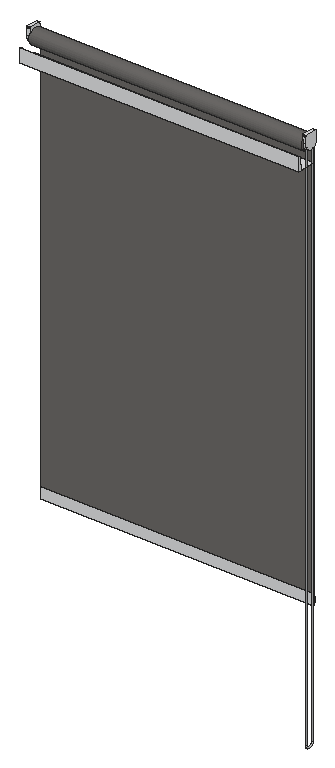
Revit family "Shades-Hunter_Douglas-RB500-Single_Standard_Duty-Clutch-38_46_55_Bracket-Pocket-tw82-ky", category Specialty Equipment, Revit 2019
Family settings
  Round Connector Dimension = Use Diameter
  Part Type = Normal
  OmniClass Number = 23.30.60.14
  OmniClass Title = Interior Window Treatment
  Work Plane-Based = No
  Always vertical = Yes
  Cut with Voids When Loaded = No
  Shared = No
  Room Calculation Point = No
Parameters (values of type "38 Gypsum Pocket")
  URL = "https://www.hunterdouglasarchitectural.com/"
  Type Comments = if(CD_Gypsum Pocket, "Gypsum Pocket", if(CD_Surface Pocket, "Surface Pocket", "Tile Pocket"))  # "Gypsum Pocket"
  CD_Surface Pocket Calc = or(CD_Surface Pocket, CD_Tile Pocket)  # no
  CD_Surface Pocket 55 = and(or(CD_Surface Pocket, CD_Tile Pocket), CD_55)  # no
  CD_Surface Pocket 46 = and(or(CD_Surface Pocket, CD_Tile Pocket), CD_46)  # no
  CD_Surface Pocket 38 = and(or(CD_Surface Pocket, CD_Tile Pocket), CD_38)  # no
  Model = if(CD_55, "Standard Duty Clutch 55 Bracket", if(CD_46, "Standard Duty Automated 46 Bracket", "Standard Duty Automated 55 Bracket"))  # "Standard Duty Automated 55 Bracket"
  Manufacturer = "Hunter Douglas Architectural"  # constant formula
  Description = "Standard Duty Clutch Roller Shade"  # constant formula
  CD_Tile Pocket = no
  CD_Surface Pocket = no
  CD_Top Bracket Offset = if(CD_Gypsum Pocket, 0' 0", 0' 0 3/32")  # 0' - 0"
  CD_Roller Offset = if(CD_Gypsum Pocket, 0' 2 41/64", 0' 2 41/64")  # 0' - 2 41/64"
  CD_Gypsum Pocket 55 = and(CD_Gypsum Pocket, CD_55)  # no
  CD_Gypsum Pocket 46 = and(CD_Gypsum Pocket, CD_46)  # no
  CD_Gypsum Pocket 38 = and(CD_Gypsum Pocket, CD_38)  # yes
  CD_Gypsum Pocket = not(or(CD_Surface Pocket, CD_Tile Pocket))  # yes
  CD_Width [instance] = 4' - 0"
  CD_Warranty = "https://assets.hunterdouglasarchitectural.com/documents/RB500/Lifetime_Guarantee_HDA.pdf?_rand=1465740819000"
  CD_Screen Offset From Face = if(CD_Gypsum Pocket, 0' 1 119/256" - 0' 0 15/64" + 0' 0 9/64", 0' 1 153/256" - 0' 0 29/128")  # 0' - 1 95/256"
  CD_Product Page URL = "https://www.hunterdouglasarchitectural.com/windowcoverings/rollershades/RB500/index.jsp"
  CD_Product Name = "RB 500 Roller Shade System"  # constant formula
  CD_Product Documentation Link = "https://www.hunterdouglasarchitectural.com/windowcoverings/rollershades/RB500/index.jsp#cadDrawing"
  CD_Opening Percentage [instance] = 25
  CD_Microsite = "https://microsite.caddetails.com/1669"
  CD_Install Documentation = "https://www.hunterdouglasarchitectural.com/windowcoverings/rollershades/RB500/index.jsp#installationPage"
  CD_Horizontal Roller Offset = if(CD_55, 0' 3 1/32" - CD_Top Bracket Offset + CD_Bottom Offset + 0' 0 3/128", if(CD_46, 0' 3 13/32" - CD_Top Bracket Offset + CD_Bottom Offset + 0' 0 11/256", 0' 3 75/128" - CD_Top Bracket Offset + CD_Bottom Offset - 0' 0 3/128"))  # 0' - 3 49/128"
  CD_Height Opening [instance] = ((CD_Height - CD_Bracket Height - 0' 1 101/256") * CD_Opening Percentage) / 100  # 1' - 10.40137"
  CD_Height [instance] = 8' - 0"
  CD_Front Gypsum Offset = if(CD_Gypsum Pocket, 0' 0 19/128", 0' 0")  # 0' - 0 19/128"
  CD_Finish Rail = Metal-Aluminum-Hunter_Douglas-Anodized-White
  CD_Finish Frame = Metal-Aluminum-Hunter_Douglas-Anodized-White
  CD_Finish = Fabric-Shade-Hunter_Douglas-5%-E_Screen-Charcoal_Cocoa
  CD_Fabric Sizing Disclaimer = "Designer to verify maximum fabric size with Manufacturer as the maximum fabric size is dependent on finished dimensions"  # constant formula
  CD_Bracket Height = if(CD_Gypsum Pocket, 0' 5", 0' 5 9/32")  # 0' - 5"
  CD_Bracket Depth = if(CD_Gypsum Pocket, 0' 5", 0' 5 9/32")  # 0' - 5"
  CD_Bottom Offset = if(CD_Gypsum Pocket, -0' 0 23/128", 0' 0 25/256")  # -0' - 0 23/128"
  CD_Base Gypsum Offset = if(and(or(CD_46, CD_55), CD_Gypsum Pocket), 0' 0 3/32", 0' 0")  # 0' - 0"
  CD_46 = no
  Assembly Code = "E2010300"
  CD_55 = no
  CD_38 = not(or(CD_55, CD_46))  # yes
Types (10): name | Type Comments | CD_Surface Pocket Calc | CD_Surface Pocket 55 | CD_Surface Pocket 46 | CD_Surface Pocket 38 | Model | CD_Tile Pocket | CD_Surface Pocket | CD_Top Bracket Offset | CD_Gypsum Pocket 55 | CD_Gypsum Pocket 46 | CD_Gypsum Pocket 38 | CD_Gypsum Pocket | CD_Horizontal Roller Offset | CD_Height Opening | CD_Front Gypsum Offset | CD_Bracket Height | CD_Bracket Depth | CD_Bottom Offset | CD_Base Gypsum Offset | CD_46 | CD_55 | CD_38
  (no name) | "Gypsum Pocket" | no | no | no | no | "Standard Duty Automated 55 Bracket" | no | no | 0' - 0" | no | no | yes | yes | 0' - 3 49/128" | 1' - 10.40137" | 0' - 0 19/128" | 0' - 5" | 0' - 5" | -0' - 0 23/128" | 0' - 0" | no | no | yes
  38 Gypsum Pocket | "Gypsum Pocket" | no | no | no | no | "Standard Duty Automated 55 Bracket" | no | no | 0' - 0" | no | no | yes | yes | 0' - 3 49/128" | 1' - 10.40137" | 0' - 0 19/128" | 0' - 5" | 0' - 5" | -0' - 0 23/128" | 0' - 0" | no | no | yes
  38 Tile Pocket | "Tile Pocket" | yes | no | no | yes | "Standard Duty Automated 55 Bracket" | yes | no | 0' - 0 3/32" | no | no | no | no | 0' - 3 145/256" | 1' - 10.33105" | 0' - 0" | 0' - 5 9/32" | 0' - 5 9/32" | 0' - 0 25/256" | 0' - 0" | no | no | yes
  38 Surface Pocket | "Surface Pocket" | yes | no | no | yes | "Standard Duty Automated 55 Bracket" | no | yes | 0' - 0 3/32" | no | no | no | no | 0' - 3 145/256" | 1' - 10.33105" | 0' - 0" | 0' - 5 9/32" | 0' - 5 9/32" | 0' - 0 25/256" | 0' - 0" | no | no | yes
  46 Surface Pocket | "Surface Pocket" | yes | no | yes | no | "Standard Duty Automated 46 Bracket" | no | yes | 0' - 0 3/32" | no | no | no | no | 0' - 3 29/64" | 1' - 10.33105" | 0' - 0" | 0' - 5 9/32" | 0' - 5 9/32" | 0' - 0 25/256" | 0' - 0" | yes | no | no
  55 Surface Pocket | "Surface Pocket" | yes | yes | no | no | "Standard Duty Clutch 55 Bracket" | no | yes | 0' - 0 3/32" | no | no | no | no | 0' - 3 15/256" | 1' - 10.33105" | 0' - 0" | 0' - 5 9/32" | 0' - 5 9/32" | 0' - 0 25/256" | 0' - 0" | no | yes | no
  46 Gypsum Pocket | "Gypsum Pocket" | no | no | no | no | "Standard Duty Automated 46 Bracket" | no | no | 0' - 0" | no | yes | no | yes | 0' - 3 69/256" | 1' - 10.40137" | 0' - 0 19/128" | 0' - 5" | 0' - 5" | -0' - 0 23/128" | 0' - 0 3/32" | yes | no | no
  55 Gypsum Pocket | "Gypsum Pocket" | no | no | no | no | "Standard Duty Clutch 55 Bracket" | no | no | 0' - 0" | yes | no | no | yes | 0' - 2 7/8" | 1' - 10.40137" | 0' - 0 19/128" | 0' - 5" | 0' - 5" | -0' - 0 23/128" | 0' - 0 3/32" | no | yes | no
  46 Tile Pocket | "Tile Pocket" | yes | no | yes | no | "Standard Duty Automated 46 Bracket" | yes | no | 0' - 0 3/32" | no | no | no | no | 0' - 3 29/64" | 1' - 10.33105" | 0' - 0" | 0' - 5 9/32" | 0' - 5 9/32" | 0' - 0 25/256" | 0' - 0" | yes | no | no
  55 Tile Pocket | "Tile Pocket" | yes | yes | no | no | "Standard Duty Clutch 55 Bracket" | yes | no | 0' - 0 3/32" | no | no | no | no | 0' - 3 15/256" | 1' - 10.33105" | 0' - 0" | 0' - 5 9/32" | 0' - 5 9/32" | 0' - 0 25/256" | 0' - 0" | no | yes | no
Reference planes (in)
  plane 1 "Center (Front/Back)": y = 0.76082
  plane 2 "Bottom": z = 0
  plane 3 "Center (Left/Right)": x = 0
  plane 4 "Top": z = 96
  plane 5 "Left": x = -24
  plane 6 "Right": x = 24
  plane 7 "Back": y = 3.40145
  plane 8 "Front": y = -1.59855
  plane 9 "Opening": z = 22.40137
  plane 10 "Head Height": z = 91
  plane 11 "Shade Left": x = -23.44922
  plane 12 "Shade Right": x = 23.44922
  plane 13 "Blind Location": y = 2.03035
  plane 14 "Top Pocket": z = 96
  plane 15 "Center (Elevation)": z = 94.38281
  plane 16 "Top Bracket": z = 96
Forms (in)
  Extrusion 1, solid, material "Fabric-Shade-Hunter_Douglas-5%-E_Screen-Charcoal_Cocoa" <- "CD_Finish"
    sketch origin (0, 5.20776, -0.44956) x (0, 1, 0) y (0, 0, 1)
      loop
        line (-3.15469, 91.68359) -> (-3.15469, 94.84374)
        arc (-3.15469, 94.84374) -> (-5.73295, 94.92847) -> (-3.1949, 94.46706) r 1.29332
        line (-3.1949, 94.46706) -> (-3.1949, 91.68359) -> (-3.15469, 91.68359)
    from -23.44922 to 23.44922
  Extrusion 2, solid, material "Metal-Aluminum-Hunter_Douglas-Anodized-White" <- "CD_Finish Rail", detail levels fine
    sketch origin (0, -1.20495, -20.35107) x (0, 1, 0) y (0, 0, 1)
      loop
        line (3.429, 43.83667) -> (3.25853, 44.56856) -> (3.21208, 44.56856) -> (3.21208, 42.75243) -> (3.29707, 42.75243) -> (3.47983, 43.32416)
        arc (3.47983, 43.32416) -> (3.47646, 43.5826) -> (3.429, 43.83667) r 1.50771
    from -23.44922 to 23.44922
  Extrusion 3, solid, material "Fabric-Shade-Hunter_Douglas-5%-E_Screen-Charcoal_Cocoa" <- "CD_Finish"
    sketch origin (0, 0, 0) x (0, 1, 0) y (0, 0, 1)
      loop
        line (2.05324, 22.40137) -> (2.05324, 91.46875) -> (2.01286, 91.46875) -> (2.01286, 22.40137) -> (2.05324, 22.40137)
    from -23.44922 to 23.44922
  Extrusion 4, solid, material "Metal-Aluminum-Hunter_Douglas-Anodized-White" <- "CD_Finish Frame", visible <- "CD_55", detail levels medium+fine
    sketch origin (0, 33.91288, 35.8975) x (0, 0, 1) y (0, -1, 0)
      loop
        line (59.98852, 32.12048) -> (60.10185, 32.12048) -> (60.10185, 34.12048) -> (59.98852, 34.12048) -> (59.98852, 34.03623) -> (59.80261, 34.03623) -> (59.80261, 34.12048) -> (58.17689, 34.12048)
        arc (58.17689, 34.12048) -> (56.92482, 33.09877) -> (58.2111, 32.12048) r 1.02869
        line (58.2111, 32.12048) -> (59.80261, 32.12048) -> (59.80261, 32.2053) -> (59.98852, 32.2053) -> (59.98852, 32.12048)
    from 23.44922 to 24
  Extrusion 5, solid, material "Metal-Aluminum-Hunter_Douglas-Anodized-White" <- "CD_Finish Frame", visible <- "CD_55", detail levels medium+fine
    sketch origin (0, 33.91288, 35.8975) x (0, 0, 1) y (0, -1, 0)
      loop
        line (59.98852, 32.12048) -> (60.10185, 32.12048) -> (60.10185, 34.12048) -> (59.98852, 34.12048) -> (59.98852, 34.03623) -> (59.80261, 34.03623) -> (59.80261, 34.12048) -> (58.17689, 34.12048)
        arc (58.17689, 34.12048) -> (56.92482, 33.09877) -> (58.2111, 32.12048) r 1.02869
        line (58.2111, 32.12048) -> (59.80261, 32.12048) -> (59.80261, 32.2053) -> (59.98852, 32.2053) -> (59.98852, 32.12048)
    from -24 to -23.44922
  Extrusion 6, solid, material "Metal-Aluminum-Hunter_Douglas-Anodized-White" <- "CD_Finish Frame", visible <- "CD_46", detail levels medium+fine
    sketch origin (0, 34.34577, 36.74211) x (0, 0, 1) y (0, -1, 0)
      loop
        line (59.14391, 32.55336) -> (59.2572, 32.55336) -> (59.2572, 34.55336) -> (59.14391, 34.55336) -> (59.14391, 34.46989) -> (58.95801, 34.46989) -> (58.95801, 34.55414) -> (57.71633, 34.55414)
        arc (57.71633, 34.55414) -> (56.45647, 33.54164) -> (57.73601, 32.55414) r 1.02869
        line (57.73601, 32.55414) -> (58.95801, 32.55414) -> (58.95801, 32.63896) -> (59.14391, 32.63896) -> (59.14391, 32.55336)
    from -24 to -23.44922
  Extrusion 7, solid, material "Metal-Aluminum-Hunter_Douglas-Anodized-White" <- "CD_Finish Frame", visible <- "CD_46", detail levels medium+fine
    sketch origin (0, 34.34577, 36.74211) x (0, 0, 1) y (0, -1, 0)
      loop
        line (59.14391, 32.55336) -> (59.2572, 32.55336) -> (59.2572, 34.55414) -> (59.14391, 34.55414) -> (59.14391, 34.46989) -> (58.95801, 34.46989) -> (58.95801, 34.55414) -> (57.71633, 34.55414)
        arc (57.71633, 34.55414) -> (56.45647, 33.54164) -> (57.73601, 32.55414) r 1.02869
        line (57.73601, 32.55414) -> (58.95801, 32.55414) -> (58.95801, 32.63896) -> (59.14391, 32.63896) -> (59.14391, 32.55336)
    from 23.44922 to 24
  Extrusion 8, solid, material "Metal-Aluminum-Hunter_Douglas-Anodized-White" <- "CD_Finish Frame", visible <- "CD_38", detail levels medium+fine
    sketch origin (0, 35.3739, 36.69413) x (0, 0, 1) y (0, -1, 0)
      loop
        line (59.19193, 33.58189) -> (59.30523, 33.58189) -> (59.30523, 35.58189) -> (59.19193, 35.58189) -> (59.19193, 35.49764) -> (59.00602, 35.49764) -> (59.00602, 35.58189) -> (57.94086, 35.58189)
        arc (57.94086, 35.58189) -> (56.681, 34.56939) -> (57.96054, 33.58189) r 1.02869
        line (57.96054, 33.58189) -> (59.00602, 33.58189) -> (59.00602, 33.66671) -> (59.19193, 33.66671) -> (59.19193, 33.58189)
    from -24 to -23.44922
  Extrusion 9, solid, material "Metal-Aluminum-Hunter_Douglas-Anodized-White" <- "CD_Finish Frame", visible <- "CD_38", detail levels medium+fine
    sketch origin (0, 35.3739, 36.69413) x (0, 0, 1) y (0, -1, 0)
      loop
        line (59.19193, 33.58189) -> (59.30523, 33.58189) -> (59.30523, 35.58189) -> (59.19193, 35.58189) -> (59.19193, 35.49764) -> (59.00602, 35.49764) -> (59.00602, 35.58189) -> (57.94086, 35.58189)
        arc (57.94086, 35.58189) -> (56.681, 34.56939) -> (57.96054, 33.58189) r 1.02869
        line (57.96054, 33.58189) -> (59.00602, 33.58189) -> (59.00602, 33.66671) -> (59.19193, 33.66671) -> (59.19193, 33.58189)
    from 23.44922 to 24
  Extrusion 10, solid, material "Metal-Aluminum-Hunter_Douglas-Anodized-White" <- "CD_Finish Frame", visible <- "CD_Gypsum Pocket", detail levels medium+fine
    sketch origin (0, 8, 6.62755) x (0, 1, 0) y (0, 0, 1)
      loop
        line (-6.48168, 84.37245) -> (-6.48168, 84.44278) -> (-9.41945, 84.44278) -> (-9.41945, 85.39215) -> (-9.6847, 85.39215) -> (-9.6847, 86.69659) -> (-9.74699, 86.69659) -> (-9.74699, 84.37245) -> (-6.48168, 84.37245)
    from -24 to 24
  Extrusion 11, solid, material "Metal-Aluminum-Hunter_Douglas-Anodized-White" <- "CD_Finish Frame", visible <- "CD_Surface Pocket Calc", detail levels medium+fine
    sketch origin (0, 0, 0) x (0, 1, 0) y (0, 0, 1)
      loop
        line (3.40145, 91) -> (3.40145, 96) -> (-1.59203, 96) -> (-1.59203, 91) -> (1.70467, 91) -> (1.70467, 91.07033) -> (-1.2331, 91.07033) -> (-1.2331, 92.01971) -> (-1.49759, 92.01971) -> (-1.49759, 95.90625) -> (3.12214, 95.90625) -> (3.12214, 91) -> (3.40145, 91)
    from -24 to 24
  Extrusion 12, solid, material "Metal-Aluminum-Hunter_Douglas-Anodized-White" <- "CD_Finish Frame", visible <- "CD_Tile Pocket", detail levels medium+fine
    sketch origin (0, 8.14389, -14.00652) x (0, 1, 0) y (0, 0, 1)
      loop
        line (-9.73592, 105.00652) -> (-9.73592, 105.10096) -> (-10.61504, 105.10096) -> (-10.61504, 105.00652) -> (-9.73592, 105.00652)
    from -24 to 24
  Extrusion 13, solid, material "Metal-Aluminum-Hunter_Douglas-Anodized-White" <- "CD_Finish Frame", detail levels coarse
    sketch origin (0, 0, 0) x (0, 1, 0) y (0, 0, 1)
      loop
        line (3.40145, 96) -> (-1.59855, 96) -> (-1.59855, 91) -> (3.40145, 91) -> (3.40145, 96)
    from -24 to 24
  Sweep 14, solid, material "Metal-Aluminum-Hunter_Douglas-Anodized-White" <- "CD_Finish Frame", detail levels fine
    path origin (24, 0, 0) x (0, 0, 1) y (0, -1, 0)
      loop
        line (1.88496, -1.44754) -> (94.3377, -1.44754)
        arc (94.3377, -1.44754) -> (95.01563, -0.76962) -> (94.3377, -0.09169) r 0.67793
        line (94.3377, -0.09169) -> (1.88496, -0.09169)
        arc (1.88496, -0.09169) -> (1.20703, -0.76962) -> (1.88496, -1.44754) r 0.67793
    profile origin (24, 1.44754, 48.11133) x (0, -1, 0) y (1, 0, 0)
      loop
        circle (0, -0.26563) r 0.08594
Cuts and joins
  joined: Extrusion 1, Extrusion 3
Lines and regions (in)
  Masking region 1
    outline origin (0, 0, 0) x (0, 1, 0) y (0, 0, 1)
      loop
        line (2.22404, 23.4856) -> (2.05358, 24.21749) -> (2.00713, 24.21749) -> (2.00713, 22.40137) -> (2.09212, 22.40137) -> (2.27787, 22.97309)
        arc (2.27787, 22.97309) -> (2.26856, 23.2312) -> (2.22404, 23.4856) r 1.8836
Dimensions and locks (in)
  "CD_Height": plane 4 "Top" to plane 2 "Bottom"
  equal spacing: plane 5 "Left", plane 3 "Center (Left/Right)", plane 6 "Right"
  "CD_Width": plane 5 "Left" to plane 6 "Right"
  "CD_Roller Offset": plane 1 "Center (Front/Back)" to plane 7 "Back"
  "CD_Bracket Depth": plane 8 "Front" to plane 7 "Back"
  locked: Extrusion 3 sketch curve to plane 10 "Head Height" at 0.46875
  Extrusion 3 sketch curve to plane 13 "Blind Location" to Extrusion 3 sketch curve = 0' - 0.02288" locked, 0' - 0.01749" locked
  locked: plane 5 "Left" to plane 11 "Shade Left" at 0.55078
  locked: plane 12 "Shade Right" to plane 6 "Right" at 0.55078
  "CD_Height Opening": plane 9 "Opening" to level
  "CD_Bracket Height": plane 4 "Top" to plane 10 "Head Height"
  "CD_Screen Offset From Face": plane 13 "Blind Location" to plane 7 "Back"
  Extrusion 2 sketch curve to plane 9 "Opening" to Extrusion 2 sketch curve to Extrusion 2 sketch curve to Extrusion 2 sketch curve = 0' - 0" locked, 0' - 0.57173" locked, 0' - 0.51251" locked, 0' - 0.7319" locked
  Extrusion 2 sketch curve to Extrusion 2 sketch curve to Extrusion 2 sketch curve to plane 13 "Blind Location" to Extrusion 3 = 0' - 0.18675" locked, 0' - 0.03854" locked, 0' - 0.02323" locked, 0' - 0.01749" locked
  plane 4 "Top" to plane 14 "Top Pocket" = 0' - 0"
  Extrusion 5 sketch curve to Extrusion 5 sketch curve to Extrusion 5 sketch curve to Extrusion 5 sketch curve to Extrusion 5 sketch curve to Extrusion 5 sketch curve to Extrusion 5 sketch curve to plane 7 "Back" = 0' - 0.02458" locked, 0' - 0" locked, 0' - 0.08425" locked, 0' - 1.83093" locked, 0' - 0.08482" locked, 0' - 0" locked, 0' - 1.60905" locked
  plane 16 "Top Bracket" to Extrusion 5 sketch curve to Extrusion 5 sketch curve to Extrusion 5 sketch curve to Extrusion 5 sketch curve to Extrusion 5 sketch curve to Extrusion 5 sketch curve to Extrusion 5 sketch curve to Extrusion 5 sketch curve = 0' - 0.00064" locked, 0' - 0.11334" locked, 0' - 0" locked, 0' - 0.1859" locked, 0' - 0" locked, 0' - 1.59152" locked, 0' - 0.0342" locked, 0' - 1.25222" locked
  Extrusion 4 sketch curve to Extrusion 4 sketch curve to Extrusion 4 sketch curve to Extrusion 4 sketch curve to Extrusion 4 sketch curve to Extrusion 4 sketch curve to Extrusion 4 sketch curve to plane 7 "Back" = 0' - 0.02458" locked, 0' - 0" locked, 0' - 0.08425" locked, 0' - 1.83093" locked, 0' - 0.08482" locked, 0' - 0" locked, 0' - 1.60905" locked
  plane 16 "Top Bracket" to Extrusion 4 sketch curve to Extrusion 4 sketch curve to Extrusion 4 sketch curve to Extrusion 4 sketch curve to Extrusion 4 sketch curve to Extrusion 4 sketch curve to Extrusion 4 sketch curve to Extrusion 4 sketch curve = 0' - 0.00064" locked, 0' - 0.11334" locked, 0' - 0" locked, 0' - 0.1859" locked, 0' - 0" locked, 0' - 1.59152" locked, 0' - 0.0342" locked, 0' - 1.25222" locked
  plane 16 "Top Bracket" to Extrusion 6 sketch curve to Extrusion 6 sketch curve to Extrusion 6 sketch curve to Extrusion 6 sketch curve to Extrusion 6 sketch curve to Extrusion 6 sketch curve to Extrusion 6 sketch curve to Extrusion 6 sketch curve = 0' - 0.00069" locked, 0' - 0 29/256" locked, 0' - 0" locked, 0' - 0.1859" locked, 0' - 0" locked, 0' - 1.222" locked, 0' - 0.01968" locked, 0' - 1.25991" locked
  Extrusion 6 sketch curve to Extrusion 6 sketch curve to Extrusion 6 sketch curve to plane 1 "Center (Front/Back)" to Extrusion 6 sketch curve to Extrusion 6 sketch curve to Extrusion 6 sketch curve to Extrusion 6 sketch curve = 0' - 0.00078" locked, 0' - 0.08482" locked, 0' - 0.94598" locked, 0' - 0.88495" locked, 0' - 0.08347" locked, 0' - 0.00078" locked, 0' - 0.02632" locked
  plane 16 "Top Bracket" to Extrusion 7 sketch curve to Extrusion 7 sketch curve to Extrusion 7 sketch curve to Extrusion 7 sketch curve to Extrusion 7 sketch curve to Extrusion 7 sketch curve to Extrusion 7 sketch curve to Extrusion 7 sketch curve = 0' - 0.00069" locked, 0' - 0 29/256" locked, 0' - 0" locked, 0' - 0.1859" locked, 0' - 0" locked, 0' - 1.222" locked, 0' - 0.01968" locked, 0' - 1.25991" locked
  plane 7 "Back" to Extrusion 7 sketch curve to Extrusion 7 sketch curve to Extrusion 7 sketch curve to Extrusion 7 sketch curve to Extrusion 7 sketch curve to Extrusion 7 sketch curve to Extrusion 7 sketch curve = 0' - 1.60905" locked, 0' - 0.00078" locked, 0' - 0.08482" locked, 0' - 1.83093" locked, 0' - 0.08425" locked, 0' - 0" locked, 0' - 0.02632" locked
  plane 16 "Top Bracket" to Extrusion 8 sketch curve to Extrusion 8 sketch curve to Extrusion 8 sketch curve to Extrusion 8 sketch curve to Extrusion 8 sketch curve to Extrusion 8 sketch curve to Extrusion 8 sketch curve = 0' - 0.00064" locked, 0' - 0.11331" locked, 0' - 0" locked, 0' - 0.1859" locked, 0' - 0" locked, 0' - 1.06516" locked, 0' - 1.25991" locked
  Extrusion 8 sketch curve to Extrusion 8 sketch curve to Extrusion 8 sketch curve to Extrusion 8 sketch curve to Extrusion 8 sketch curve to Extrusion 8 sketch curve to Extrusion 8 sketch curve to plane 7 "Back" = 0' - 0" locked, 0' - 0.08425" locked, 0' - 1.83093" locked, 0' - 0.08482" locked, 0' - 0" locked, 0' - 0.03107" locked, 0' - 1.57837" locked
  plane 16 "Top Bracket" to Extrusion 9 sketch curve to Extrusion 9 sketch curve to Extrusion 9 sketch curve to Extrusion 9 sketch curve to Extrusion 9 sketch curve to Extrusion 9 sketch curve to Extrusion 9 sketch curve = 0' - 0.00064" locked, 0' - 0.11331" locked, 0' - 0" locked, 0' - 0.1859" locked, 0' - 0" locked, 0' - 1.06516" locked, 0' - 1.25991" locked
  Extrusion 9 sketch curve to Extrusion 9 sketch curve to Extrusion 9 sketch curve to Extrusion 9 sketch curve to Extrusion 9 sketch curve to Extrusion 9 sketch curve to Extrusion 9 sketch curve to plane 7 "Back" = 0' - 0" locked, 0' - 0.08425" locked, 0' - 1.83093" locked, 0' - 0.08482" locked, 0' - 0" locked, 0' - 0.03107" locked, 0' - 1.57837" locked
  Extrusion 1 sketch curve to plane 13 "Blind Location" to Extrusion 1 sketch curve to Extrusion 1 sketch curve = 0' - 0.02272" locked, 0' - 0.01749" locked, 0' - 2.54535" locked
  Extrusion 1 sketch curve to plane 15 "Center (Elevation)" to Extrusion 1 sketch curve to Extrusion 1 sketch curve = 0' - 0.01137" locked, 0' - 0.36531" locked, 0' - 2.78347" locked
  "CD_Horizontal Roller Offset": plane 15 "Center (Elevation)" to plane 10 "Head Height"
  Masking region 1 sketch curve to plane 9 "Opening" to Masking region 1 sketch curve to Masking region 1 sketch curve to Masking region 1 sketch curve = 0' - 0" locked, 0' - 0.57173" locked, 0' - 0.51251" locked, 0' - 0.7319" locked
  Masking region 1 sketch curve to Masking region 1 sketch curve to Masking region 1 sketch curve to plane 13 "Blind Location" to Extrusion 3 = 0' - 0.18675" locked, 0' - 0.03854" locked, 0' - 0.02323" locked, 0' - 0.01749" locked
  "CD_Top Bracket Offset": plane 14 "Top Pocket" to plane 16 "Top Bracket"
  plane 7 "Back" to Extrusion 11 sketch curve to Extrusion 11 sketch curve = 0' - 0", 0' - 0.27931" locked
  Extrusion 11 sketch curve to Extrusion 11 sketch curve to plane 10 "Head Height" to Extrusion 11 sketch curve to Extrusion 11 sketch curve = 0' - 0" locked, 0' - 0" locked, 0' - 0 9/128" locked, 0' - 0.94938" locked
  Extrusion 11 to plane 8 "Front" to Extrusion 12 sketch curve = 0' - 0.00652" locked, 0' - 0.8726" locked
  Extrusion 12 sketch curve to Extrusion 12 sketch curve to plane 10 "Head Height" = 0' - 0.09444" locked, 0' - 0" locked
  Extrusion 11 sketch curve to Extrusion 11 sketch curve to Extrusion 11 sketch curve to Extrusion 11 sketch curve to plane 8 "Front" = 0' - 2.93777" locked, 0' - 0.26449" locked, 0' - 0.09444" locked, 0' - 0.00652" locked
  Extrusion 11 sketch curve to Extrusion 11 sketch curve to plane 14 "Top Pocket" = 0' - 0 3/32" locked, 0' - 0" locked
  Extrusion 10 sketch curve to Extrusion 10 sketch curve to Extrusion 10 sketch curve to Extrusion 10 sketch curve = 0' - 0 9/128", 0' - 0.94938" locked, 0' - 1.30443" locked
  Extrusion 10 sketch curve to Extrusion 10 sketch curve to Extrusion 10 sketch curve to Extrusion 10 sketch curve = 0' - 2.93777" locked, 0' - 0.26524" locked, 0' - 0.06229"
  Sweep 14 sketch curve to profile plane to plane 6 "Right" = 0' - 0 23/128" locked, 0' - 0" locked
  locked: Sweep 14 sketch curve to profile plane at 0.08594
  Sweep 14 sketch curve to plane 1 "Center (Front/Back)" to Sweep 14 sketch curve = 0' - 0.68672" locked, 0' - 0.66913" locked
  Sweep 14 sketch curve to level = 0' - 1 53/256"
  Sweep 14 sketch curve to plane 15 "Center (Elevation)" = 0' - 0 81/128"
  "CD_Front Gypsum Offset": plane 8 "Front" to Extrusion 10 sketch curve
  "CD_Base Gypsum Offset": plane 10 "Head Height" to Extrusion 10 sketch curve
  aligned and locked: plane 2 "Bottom" to level
  aligned and locked: Extrusion 3 to plane 11 "Shade Left"
  aligned and locked: plane 12 "Shade Right" to Extrusion 3
  aligned and locked: Extrusion 2 to plane 11 "Shade Left"
  aligned and locked: plane 12 "Shade Right" to Extrusion 2
  aligned and locked: Extrusion 3 to plane 9 "Opening"
  aligned and locked: cut or joined group of Extrusion 1, Extrusion 3 to plane 11 "Shade Left"  (x2)
  aligned and locked: plane 12 "Shade Right" to cut or joined group of Extrusion 1, Extrusion 3  (x2)
  aligned and locked: plane 6 "Right" to Extrusion 9
  aligned and locked: plane 6 "Right" to Extrusion 7
  aligned and locked: plane 6 "Right" to Extrusion 4
  aligned and locked: Extrusion 9 to plane 12 "Shade Right"
  aligned and locked: Extrusion 7 to plane 12 "Shade Right"
  aligned and locked: Extrusion 4 to plane 12 "Shade Right"
  aligned and locked: plane 11 "Shade Left" to Extrusion 8
  aligned and locked: plane 11 "Shade Left" to Extrusion 6
  aligned and locked: plane 11 "Shade Left" to Extrusion 5
  aligned and locked: Extrusion 8 to plane 5 "Left"
  aligned and locked: Extrusion 6 to plane 5 "Left"
  aligned and locked: Extrusion 5 to plane 5 "Left"
  aligned and locked: plane 4 "Top" to Extrusion 13 sketch curve
  aligned and locked: Extrusion 13 sketch curve to plane 7 "Back"
  aligned and locked: Extrusion 10 to Extrusion 13 sketch curve
  aligned and locked: Extrusion 13 to plane 5 "Left"
  aligned and locked: plane 6 "Right" to Extrusion 13
  aligned and locked: plane 6 "Right" to Extrusion 11
  aligned and locked: plane 6 "Right" to Extrusion 10
  aligned and locked: plane 6 "Right" to Extrusion 12
  aligned and locked: Extrusion 11 to plane 5 "Left"
  aligned and locked: Extrusion 10 to plane 5 "Left"
  aligned and locked: Extrusion 12 to plane 5 "Left"
  aligned and locked: plane 8 "Front" to Extrusion 13
Automatic sketch dimensions
  Extrusion 2 sketch curve to Extrusion 2 sketch curve = 0' - 0.08499"
  plane 13 "Blind Location" to Extrusion 2 sketch curve = 0' - 1.2592"
  Extrusion 2 sketch curve to Extrusion 2 sketch curve = 0' - 0.17046"
  Extrusion 3 sketch curve to plane 9 "Opening" = 0' - 0"
  plane 13 "Blind Location" to Masking region 1 sketch curve = 0' - 0.02323"
  plane 1 "Center (Front/Back)" to Masking region 1 sketch curve = 0' - 0.36556"
  Masking region 1 sketch curve to Masking region 1 sketch curve = 0' - 0.17046"
  Extrusion 12 sketch curve to Extrusion 12 sketch curve = 0' - 0.87912"
  Sweep 14 sketch curve to profile plane = 0' - 0"
  plane 8 "Front" to Extrusion 13 sketch curve = 0' - 0"
